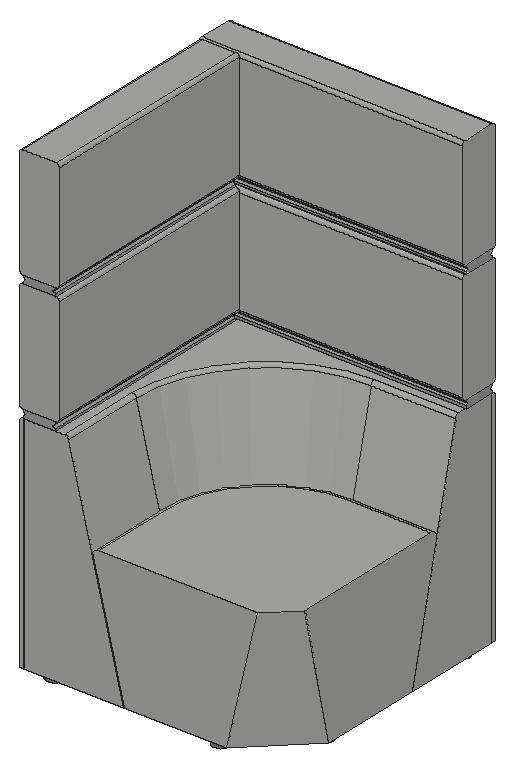
Revit family "Hive Single Corner, Full Base, Two Screens", category Furniture, Revit 2020
Family settings
  OmniClass Number = 23.40.20.00
  OmniClass Title = General Furniture and Specialties
  Work Plane-Based = No
  Always vertical = Yes
  Cut with Voids When Loaded = No
  Shared = No
  Room Calculation Point = No
Parameters
  UK Secondary Seat Count = 1
  UK Primary Seat Count = 1
  Seat Upholstery [instance] = Fabric, Unspecified
  Seat Top Upholstery [instance] = Fabric, Unspecified
  Screen Two Upholstery [instance] = Fabric, Unspecified
  Screen Two Top Upholstery [instance] = Fabric, Unspecified
  Screen One Upholstery [instance] = Fabric, Unspecified
  Screen One Top Upholstery [instance] = Fabric, Unspecified
  Screen 2 [instance] = yes
  Screen 1 [instance] = yes
  Power Module Screen 2 Right [instance] = no
  Power Module Screen 2 Left [instance] = no
  Power Module Screen 1 Right [instance] = no
  Power Module Screen 1 Left [instance] = no
  Plug = Palmer Hamilton Black Plastic
  Plate = Palmer Hamilton Alum
  No Legs [instance] = not(Legs)  # yes
  Model = "SHF4G"
  Legs [instance] = no
  Leg [instance] = Palmer Hamilton - Aluminum
  Joint [instance] = Palmer Hamilton - Aluminum
  HS Seat Count = 1
  ES Seat Count = 1
  Default Elevation = 0' - 0"
  Cost = 1
  Back Upholstery [instance] = Fabric, Unspecified
  Back Top Upholstery [instance] = Fabric, Unspecified
Reference planes (in)
  plane 1 "Center Front/Back": y = 0
  plane 2: z = 0
  plane 3 "Center Left/Right": x = 0
  plane 4: z = 1.25
  plane 5: x = 29.13386
  plane 6: x = -29.13386
  plane 7: y = -29.13386
Forms (in)
  Extrusion 1, solid, material "Palmer Hamilton - Aluminum" <- "Joint", visible <- "Screen 1"
    sketch origin (48.45078, -25.8583, 0) x (1, 0, 0) y (0, 0, 1)
      loop
        line (-50.4124, 29) -> (-50.4124, 28.75) -> (-50.1624, 28.5) -> (-50.4124, 28.25) -> (-50.4124, 28) -> (-46.58858, 28) -> (-46.58858, 28.25) -> (-46.83858, 28.5) -> (-46.58858, 28.75) -> (-46.58858, 29) -> (-50.4124, 29)
    from -23.49609 to 3.27556
  Extrusion 2, solid, material "Fabric, Unspecified" <- "Screen One Upholstery", visible <- "Screen 1"
    sketch origin (48.45078, -25.8583, 0) x (1, 0, 0) y (0, 0, 1)
      loop
        line (-50.81299, 42) -> (-50.81299, 29.375)
        arc (-50.81299, 29.375) -> (-50.70315, 29.10983) -> (-50.43799, 29) r 0.375
        line (-50.43799, 29) -> (-46.46358, 29)
        arc (-46.46358, 29) -> (-46.19842, 29.10983) -> (-46.08858, 29.375) r 0.375
        line (-46.08858, 29.375) -> (-46.08858, 42)
        arc (-46.08858, 42) -> (-46.19842, 42.26517) -> (-46.46358, 42.375) r 0.375
        line (-46.46358, 42.375) -> (-50.43799, 42.375)
        arc (-50.43799, 42.375) -> (-50.70315, 42.26517) -> (-50.81299, 42) r 0.375
    from -23.49609 to 3.27556
  Extrusion 3, solid, material "Palmer Hamilton - Aluminum" <- "Joint", visible <- "Screen 1"
    sketch origin (0.125, -48.45078, 0) x (0, -1, 0) y (0, 0, 1)
      loop
        line (-50.4124, 29) -> (-50.4124, 28.75) -> (-50.1624, 28.5) -> (-50.4124, 28.25) -> (-50.4124, 28) -> (-46.58858, 28) -> (-46.58858, 28.25) -> (-46.83858, 28.5) -> (-46.58858, 28.75) -> (-46.58858, 29) -> (-50.4124, 29)
    from -29.00886 to 2.08662
  Extrusion 4, solid, material "Fabric, Unspecified" <- "Screen One Upholstery", visible <- "Screen 1"
    sketch origin (0.125, -48.45078, 0) x (0, -1, 0) y (0, 0, 1)
      loop
        line (-50.81299, 42) -> (-50.81299, 29.375)
        arc (-50.81299, 29.375) -> (-50.70315, 29.10983) -> (-50.43799, 29) r 0.375
        line (-50.43799, 29) -> (-46.46358, 29)
        arc (-46.46358, 29) -> (-46.19842, 29.10983) -> (-46.08858, 29.375) r 0.375
        line (-46.08858, 29.375) -> (-46.08858, 42)
        arc (-46.08858, 42) -> (-46.19842, 42.26517) -> (-46.46358, 42.375) r 0.375
        line (-46.46358, 42.375) -> (-50.43799, 42.375)
        arc (-50.43799, 42.375) -> (-50.70315, 42.26517) -> (-50.81299, 42) r 0.375
    from -29.00886 to 2.4872
  Extrusion 5, solid, material "Palmer Hamilton Alum" <- "Plate", visible <- "Power Module Screen 1 Right"
    sketch origin (1.54349, -2.3622, 35.6875) x (1, 0, 0) y (0, 0, 1)
      loop
        line (14.33151, 3.25) -> (12.58151, 3.25)
        arc (12.58151, 3.25) -> (12.31635, 3.14017) -> (12.20651, 2.875) r 0.375
        line (12.20651, 2.875) -> (12.20651, -2.875)
        arc (12.20651, -2.875) -> (12.31635, -3.14017) -> (12.58151, -3.25) r 0.375
        line (12.58151, -3.25) -> (14.33151, -3.25)
        arc (14.33151, -3.25) -> (14.59668, -3.14017) -> (14.70651, -2.875) r 0.375
        line (14.70651, -2.875) -> (14.70651, 2.875)
        arc (14.70651, 2.875) -> (14.59668, 3.14017) -> (14.33151, 3.25) r 0.375
    from 0 to 0.0598
  Blend 6, solid, material "Palmer Hamilton Black Plastic" <- "Plug", visible <- "Power Module Screen 1 Right"
    base sketch origin (1.54349, -2.3622, 35.6875) x (1, 0, 0) y (0, 0, 1)
      loop
        line (12.92151, 1.788) -> (12.92151, 0.718) -> (13.99151, 0.718) -> (13.99151, 1.788) -> (12.92151, 1.788)
    top sketch origin (1.54349, -2.3622, 35.6875) x (1, 0, 0) y (0, 0, 1)
      loop
        line (12.98758, 1.72894) -> (12.98758, 0.78406) -> (13.93246, 0.78406) -> (13.93246, 1.72894) -> (12.98758, 1.72894)
    from 0.0598 to 0.1378
  Blend 7, solid, material "Palmer Hamilton Black Plastic" <- "Plug", visible <- "Power Module Screen 1 Right"
    base sketch origin (1.54349, -2.3622, 35.6875) x (1, 0, 0) y (0, 0, 1)
      loop
        line (12.92151, -1.788) -> (13.99151, -1.788) -> (13.99151, -0.718) -> (12.92151, -0.718) -> (12.92151, -1.788)
    top sketch origin (1.54349, -2.3622, 35.6875) x (1, 0, 0) y (0, 0, 1)
      loop
        line (12.98758, -1.72894) -> (13.93246, -1.72894) -> (13.93246, -0.78406) -> (12.98758, -0.78406) -> (12.98758, -1.72894)
    from 0.0598 to 0.1378
  Extrusion 8, solid, material "Palmer Hamilton Black Plastic" <- "Plug", visible <- "Power Module Screen 1 Right"
    sketch origin (1.54349, -2.3622, 35.6875) x (1, 0, 0) y (0, 0, 1)
      loop
        line (13.16851, 0.2665) -> (13.16851, -0.2665) -> (13.74451, -0.2665) -> (13.74451, 0.2665) -> (13.16851, 0.2665)
      loop
        line (13.26788, 0.20185) -> (13.26788, -0.20575) -> (13.39536, -0.20575) -> (13.39536, 0.20185) -> (13.26788, 0.20185)
      loop
        line (13.51766, 0.20185) -> (13.51766, -0.20575) -> (13.64514, -0.20575) -> (13.64514, 0.20185) -> (13.51766, 0.20185)
    from 0.0598 to 0.11052
  Sweep 9, solid, material "Fabric, Unspecified" <- "Back Upholstery", visible <- "Legs"
    path origin (0, 0, 0) x (1, 0, 0) y (0, 1, 0)
      loop
        line (29.12848, -8.06598) -> (19.06598, -8.06598)
        arc (19.06598, -8.06598) -> (11.28781, -11.28781) -> (8.06598, -19.06598) r 11
        line (8.06598, -19.06598) -> (8.06598, -29.13386)
    profile origin (8.06598, -24.09992, 0) x (1, 0, 0) y (0, 0, 1)
      loop
        arc (-4.59598, 27.62096) -> (-4.7733, 27.89401) -> (-5.08113, 28) r 0.5
        line (-5.08113, 28) -> (-5.08113, 9.1875) -> (0, 9.1875) -> (-4.59598, 27.62096)
  Extrusion 10, solid, material "Fabric, Unspecified" <- "Back Upholstery", visible <- "Legs"
    sketch origin (0, 0, 0) x (1, 0, 0) y (0, 1, 0)
      loop
        line (29.12848, -2.98486) -> (29.12848, 1.96162) -> (-1.96162, 1.96162) -> (-1.96162, -29.13386) -> (2.98486, -29.13386) -> (2.98486, -19.06598)
        arc (2.98486, -19.06598) -> (7.69491, -7.69491) -> (19.06598, -2.98486) r 16.08113
        line (19.06598, -2.98486) -> (29.12848, -2.98486)
    from 9.1875 to 28
  Sweep 11, solid, material "Fabric, Unspecified" <- "Seat Upholstery", visible <- "Legs"
    path origin (0, 0, 0) x (1, 0, 0) y (0, 1, 0)
      loop
        line (29.12848, -8.06598) -> (19.06598, -8.06598)
        arc (19.06598, -8.06598) -> (11.28781, -11.28781) -> (8.06598, -19.06598) r 11
        line (8.06598, -19.06598) -> (8.06598, -29.13386)
    profile origin (8.06598, -24.09992, 0) x (1, 0, 0) y (0, 0, 1)
      loop
        arc (-0.97014, 17) -> (-1.56115, 16.71175) -> (-1.69786, 16.06856) r 0.75
        line (-1.69786, 16.06856) -> (-0.0531, 9.47178)
        arc (-0.0531, 9.47178) -> (0.07989, 9.267) -> (0.31076, 9.1875) r 0.375
        line (0.31076, 9.1875) -> (0.31076, 17) -> (-0.97014, 17)
  Sweep 12, solid, material "Fabric, Unspecified" <- "Seat Upholstery", visible <- "No Legs"
    path origin (0, 0, 0) x (1, 0, 0) y (0, 1, 0)
      loop
        line (29.12848, -8.06598) -> (19.06598, -8.06598)
        arc (19.06598, -8.06598) -> (11.28781, -11.28781) -> (8.06598, -19.06598) r 11
        line (8.06598, -19.06598) -> (8.06598, -29.13386)
    profile origin (8.06598, -24.09992, 0) x (1, 0, 0) y (0, 0, 1)
      loop
        line (1.99682, 17) -> (-0.97014, 17)
        arc (-0.97014, 17) -> (-1.56115, 16.71175) -> (-1.69786, 16.06856) r 0.75
        line (-1.69786, 16.06856) -> (1.99682, 1.25) -> (1.99682, 17)
  Blend 13, solid, material "Fabric, Unspecified" <- "Seat Upholstery", visible <- "No Legs"
    base sketch origin (0, 0, 0) x (1, 0, 0) y (0, 1, 0)
      loop
        arc (19.06598, -10.06281) -> (12.69978, -12.69978) -> (10.06281, -19.06598) r 9.00318
        line (10.06281, -19.06598) -> (10.06281, -29.13386) -> (22.31439, -29.13386) -> (29.12848, -22.31976) -> (29.12848, -10.06281) -> (19.06598, -10.06281)
    top sketch origin (0, 0, 0) x (1, 0, 0) y (0, 1, 0)
      loop
        arc (19.06598, -10.06281) -> (12.69978, -12.69978) -> (10.06281, -19.06598) r 9.00318
        line (10.06281, -19.06598) -> (10.06281, -29.13386) -> (26.03672, -29.13386) -> (29.12848, -26.0421) -> (29.12848, -10.06281) -> (19.06598, -10.06281)
    from 1.25 to 17
  Sweep 14, solid, material "Fabric, Unspecified" <- "Back Upholstery", visible <- "No Legs"
    path origin (0, 0, 0) x (1, 0, 0) y (0, 1, 0)
      loop
        line (29.12848, -8.06598) -> (19.06598, -8.06598)
        arc (19.06598, -8.06598) -> (11.28781, -11.28781) -> (8.06598, -19.06598) r 11
        line (8.06598, -19.06598) -> (8.06598, -29.13386)
    profile origin (8.06598, -24.09992, 0) x (1, 0, 0) y (0, 0, 1)
      loop
        arc (-4.59598, 27.62096) -> (-4.7733, 27.89401) -> (-5.08113, 28) r 0.5
        line (-5.08113, 28) -> (-5.08113, 1.25) -> (1.97904, 1.25) -> (-4.59598, 27.62096)
  Extrusion 15, solid, material "Fabric, Unspecified" <- "Back Upholstery", visible <- "No Legs"
    sketch origin (0, 0, 0) x (1, 0, 0) y (0, 1, 0)
      loop
        line (29.12848, -2.98486) -> (29.12848, 1.96162) -> (-1.96162, 1.96162) -> (-1.96162, -29.13386) -> (2.98486, -29.13386) -> (2.98486, -19.06598)
        arc (2.98486, -19.06598) -> (7.69491, -7.69491) -> (19.06598, -2.98486) r 16.08113
        line (19.06598, -2.98486) -> (29.12848, -2.98486)
    from 1.25 to 28
  Extrusion 16, solid, material "Palmer Hamilton Black Plastic", visible <- "No Legs"
    sketch origin (0, 0, 0) x (1, 0, 0) y (0, 1, 0)
      loop
        circle (0, 0) r 1
      loop
        circle (26.84203, 0.19685) r 1
      loop
        circle (26.84203, -20.07874) r 1
      loop
        circle (19.95226, -26.9685) r 1
      loop
        circle (0, -26.89506) r 1
    from 0 to 2
  Extrusion 17, solid, material "Palmer Hamilton Alum" <- "Plate", visible <- "Power Module Screen 1 Left"
    sketch origin (2.3622, -27.88762, 35.6875) x (0, 1, 0) y (0, 0, 1)
      loop
        line (14.33151, 3.25) -> (12.58151, 3.25)
        arc (12.58151, 3.25) -> (12.31635, 3.14017) -> (12.20651, 2.875) r 0.375
        line (12.20651, 2.875) -> (12.20651, -2.875)
        arc (12.20651, -2.875) -> (12.31635, -3.14017) -> (12.58151, -3.25) r 0.375
        line (12.58151, -3.25) -> (14.33151, -3.25)
        arc (14.33151, -3.25) -> (14.59668, -3.14017) -> (14.70651, -2.875) r 0.375
        line (14.70651, -2.875) -> (14.70651, 2.875)
        arc (14.70651, 2.875) -> (14.59668, 3.14017) -> (14.33151, 3.25) r 0.375
    from 0 to 0.0598
  Blend 18, solid, material "Palmer Hamilton Black Plastic" <- "Plug", visible <- "Power Module Screen 1 Left"
    base sketch origin (2.3622, -27.88762, 35.6875) x (0, 1, 0) y (0, 0, 1)
      loop
        line (12.92151, 1.788) -> (12.92151, 0.718) -> (13.99151, 0.718) -> (13.99151, 1.788) -> (12.92151, 1.788)
    top sketch origin (2.3622, -27.88762, 35.6875) x (0, 1, 0) y (0, 0, 1)
      loop
        line (12.98758, 1.72894) -> (12.98758, 0.78406) -> (13.93246, 0.78406) -> (13.93246, 1.72894) -> (12.98758, 1.72894)
    from 0.0598 to 0.1378
  Blend 19, solid, material "Palmer Hamilton Black Plastic" <- "Plug", visible <- "Power Module Screen 1 Left"
    base sketch origin (2.3622, -27.88762, 35.6875) x (0, 1, 0) y (0, 0, 1)
      loop
        line (12.92151, -1.788) -> (13.99151, -1.788) -> (13.99151, -0.718) -> (12.92151, -0.718) -> (12.92151, -1.788)
    top sketch origin (2.3622, -27.88762, 35.6875) x (0, 1, 0) y (0, 0, 1)
      loop
        line (12.98758, -1.72894) -> (13.93246, -1.72894) -> (13.93246, -0.78406) -> (12.98758, -0.78406) -> (12.98758, -1.72894)
    from 0.0598 to 0.1378
  Extrusion 20, solid, material "Palmer Hamilton Black Plastic" <- "Plug", visible <- "Power Module Screen 1 Left"
    sketch origin (2.3622, -27.88762, 35.6875) x (0, 1, 0) y (0, 0, 1)
      loop
        line (13.16851, 0.2665) -> (13.16851, -0.2665) -> (13.74451, -0.2665) -> (13.74451, 0.2665) -> (13.16851, 0.2665)
      loop
        line (13.26788, 0.20185) -> (13.26788, -0.20575) -> (13.39536, -0.20575) -> (13.39536, 0.20185) -> (13.26788, 0.20185)
      loop
        line (13.51766, 0.20185) -> (13.51766, -0.20575) -> (13.64514, -0.20575) -> (13.64514, 0.20185) -> (13.51766, 0.20185)
    from 0.0598 to 0.11052
  Extrusion 21, solid, material "Palmer Hamilton - Aluminum" <- "Joint", visible <- "Screen 2"
    sketch origin (48.45078, -25.8583, 14.37587) x (1, 0, 0) y (0, 0, 1)
      loop
        line (-50.4124, 29) -> (-50.4124, 28.75) -> (-50.1624, 28.5) -> (-50.4124, 28.25) -> (-50.4124, 28) -> (-46.58858, 28) -> (-46.58858, 28.25) -> (-46.83858, 28.5) -> (-46.58858, 28.75) -> (-46.58858, 29) -> (-50.4124, 29)
    from -23.49609 to 3.27556
  Extrusion 22, solid, material "Fabric, Unspecified" <- "Screen Two Upholstery", visible <- "Screen 2"
    sketch origin (48.45078, -25.8583, 14.37587) x (1, 0, 0) y (0, 0, 1)
      loop
        line (-50.81299, 42) -> (-50.81299, 29.375)
        arc (-50.81299, 29.375) -> (-50.70315, 29.10983) -> (-50.43799, 29) r 0.375
        line (-50.43799, 29) -> (-46.46358, 29)
        arc (-46.46358, 29) -> (-46.19842, 29.10983) -> (-46.08858, 29.375) r 0.375
        line (-46.08858, 29.375) -> (-46.08858, 42)
        arc (-46.08858, 42) -> (-46.19842, 42.26517) -> (-46.46358, 42.375) r 0.375
        line (-46.46358, 42.375) -> (-50.43799, 42.375)
        arc (-50.43799, 42.375) -> (-50.70315, 42.26517) -> (-50.81299, 42) r 0.375
    from -23.49609 to 3.27556
  Extrusion 23, solid, material "Palmer Hamilton - Aluminum" <- "Joint", visible <- "Screen 2"
    sketch origin (0.125, -48.45078, 14.37587) x (0, -1, 0) y (0, 0, 1)
      loop
        line (-50.4124, 29) -> (-50.4124, 28.75) -> (-50.1624, 28.5) -> (-50.4124, 28.25) -> (-50.4124, 28) -> (-46.58858, 28) -> (-46.58858, 28.25) -> (-46.83858, 28.5) -> (-46.58858, 28.75) -> (-46.58858, 29) -> (-50.4124, 29)
    from -29.00886 to 2.08662
  Extrusion 24, solid, material "Fabric, Unspecified" <- "Screen Two Upholstery", visible <- "Screen 2"
    sketch origin (0.125, -48.45078, 14.37587) x (0, -1, 0) y (0, 0, 1)
      loop
        line (-50.81299, 42) -> (-50.81299, 29.375)
        arc (-50.81299, 29.375) -> (-50.70315, 29.10983) -> (-50.43799, 29) r 0.375
        line (-50.43799, 29) -> (-46.46358, 29)
        arc (-46.46358, 29) -> (-46.19842, 29.10983) -> (-46.08858, 29.375) r 0.375
        line (-46.08858, 29.375) -> (-46.08858, 42)
        arc (-46.08858, 42) -> (-46.19842, 42.26517) -> (-46.46358, 42.375) r 0.375
        line (-46.46358, 42.375) -> (-50.43799, 42.375)
        arc (-50.43799, 42.375) -> (-50.70315, 42.26517) -> (-50.81299, 42) r 0.375
    from -29.00886 to 2.4872
  Extrusion 25, solid, material "Palmer Hamilton Alum" <- "Plate", visible <- "Power Module Screen 2 Right"
    sketch origin (1.54349, -2.3622, 50.06337) x (1, 0, 0) y (0, 0, 1)
      loop
        line (14.33151, 3.25) -> (12.58151, 3.25)
        arc (12.58151, 3.25) -> (12.31635, 3.14017) -> (12.20651, 2.875) r 0.375
        line (12.20651, 2.875) -> (12.20651, -2.875)
        arc (12.20651, -2.875) -> (12.31635, -3.14017) -> (12.58151, -3.25) r 0.375
        line (12.58151, -3.25) -> (14.33151, -3.25)
        arc (14.33151, -3.25) -> (14.59668, -3.14017) -> (14.70651, -2.875) r 0.375
        line (14.70651, -2.875) -> (14.70651, 2.875)
        arc (14.70651, 2.875) -> (14.59668, 3.14017) -> (14.33151, 3.25) r 0.375
    from 0 to 0.0598
  Blend 26, solid, material "Palmer Hamilton Black Plastic" <- "Plug", visible <- "Power Module Screen 2 Right"
    base sketch origin (1.54349, -2.3622, 50.06337) x (1, 0, 0) y (0, 0, 1)
      loop
        line (12.92151, 1.788) -> (12.92151, 0.718) -> (13.99151, 0.718) -> (13.99151, 1.788) -> (12.92151, 1.788)
    top sketch origin (1.54349, -2.3622, 50.06337) x (1, 0, 0) y (0, 0, 1)
      loop
        line (12.98758, 1.72894) -> (12.98758, 0.78406) -> (13.93246, 0.78406) -> (13.93246, 1.72894) -> (12.98758, 1.72894)
    from 0.0598 to 0.1378
  Blend 27, solid, material "Palmer Hamilton Black Plastic" <- "Plug", visible <- "Power Module Screen 2 Right"
    base sketch origin (1.54349, -2.3622, 50.06337) x (1, 0, 0) y (0, 0, 1)
      loop
        line (12.92151, -1.788) -> (13.99151, -1.788) -> (13.99151, -0.718) -> (12.92151, -0.718) -> (12.92151, -1.788)
    top sketch origin (1.54349, -2.3622, 50.06337) x (1, 0, 0) y (0, 0, 1)
      loop
        line (12.98758, -1.72894) -> (13.93246, -1.72894) -> (13.93246, -0.78406) -> (12.98758, -0.78406) -> (12.98758, -1.72894)
    from 0.0598 to 0.1378
  Extrusion 28, solid, material "Palmer Hamilton Black Plastic" <- "Plug", visible <- "Power Module Screen 2 Right"
    sketch origin (1.54349, -2.3622, 50.06337) x (1, 0, 0) y (0, 0, 1)
      loop
        line (13.16851, 0.2665) -> (13.16851, -0.2665) -> (13.74451, -0.2665) -> (13.74451, 0.2665) -> (13.16851, 0.2665)
      loop
        line (13.26788, 0.20185) -> (13.26788, -0.20575) -> (13.39536, -0.20575) -> (13.39536, 0.20185) -> (13.26788, 0.20185)
      loop
        line (13.51766, 0.20185) -> (13.51766, -0.20575) -> (13.64514, -0.20575) -> (13.64514, 0.20185) -> (13.51766, 0.20185)
    from 0.0598 to 0.11052
  Extrusion 29, solid, material "Palmer Hamilton Alum" <- "Plate", visible <- "Power Module Screen 2 Left"
    sketch origin (2.3622, -27.88762, 50.06337) x (0, 1, 0) y (0, 0, 1)
      loop
        line (14.33151, 3.25) -> (12.58151, 3.25)
        arc (12.58151, 3.25) -> (12.31635, 3.14017) -> (12.20651, 2.875) r 0.375
        line (12.20651, 2.875) -> (12.20651, -2.875)
        arc (12.20651, -2.875) -> (12.31635, -3.14017) -> (12.58151, -3.25) r 0.375
        line (12.58151, -3.25) -> (14.33151, -3.25)
        arc (14.33151, -3.25) -> (14.59668, -3.14017) -> (14.70651, -2.875) r 0.375
        line (14.70651, -2.875) -> (14.70651, 2.875)
        arc (14.70651, 2.875) -> (14.59668, 3.14017) -> (14.33151, 3.25) r 0.375
    from 0 to 0.0598
  Blend 30, solid, material "Palmer Hamilton Black Plastic" <- "Plug", visible <- "Power Module Screen 2 Left"
    base sketch origin (2.3622, -27.88762, 50.06337) x (0, 1, 0) y (0, 0, 1)
      loop
        line (12.92151, 1.788) -> (12.92151, 0.718) -> (13.99151, 0.718) -> (13.99151, 1.788) -> (12.92151, 1.788)
    top sketch origin (2.3622, -27.88762, 50.06337) x (0, 1, 0) y (0, 0, 1)
      loop
        line (12.98758, 1.72894) -> (12.98758, 0.78406) -> (13.93246, 0.78406) -> (13.93246, 1.72894) -> (12.98758, 1.72894)
    from 0.0598 to 0.1378
  Blend 31, solid, material "Palmer Hamilton Black Plastic" <- "Plug", visible <- "Power Module Screen 2 Left"
    base sketch origin (2.3622, -27.88762, 50.06337) x (0, 1, 0) y (0, 0, 1)
      loop
        line (12.92151, -1.788) -> (13.99151, -1.788) -> (13.99151, -0.718) -> (12.92151, -0.718) -> (12.92151, -1.788)
    top sketch origin (2.3622, -27.88762, 50.06337) x (0, 1, 0) y (0, 0, 1)
      loop
        line (12.98758, -1.72894) -> (13.93246, -1.72894) -> (13.93246, -0.78406) -> (12.98758, -0.78406) -> (12.98758, -1.72894)
    from 0.0598 to 0.1378
  Extrusion 32, solid, material "Palmer Hamilton Black Plastic" <- "Plug", visible <- "Power Module Screen 2 Left"
    sketch origin (2.3622, -27.88762, 50.06337) x (0, 1, 0) y (0, 0, 1)
      loop
        line (13.16851, 0.2665) -> (13.16851, -0.2665) -> (13.74451, -0.2665) -> (13.74451, 0.2665) -> (13.16851, 0.2665)
      loop
        line (13.26788, 0.20185) -> (13.26788, -0.20575) -> (13.39536, -0.20575) -> (13.39536, 0.20185) -> (13.26788, 0.20185)
      loop
        line (13.51766, 0.20185) -> (13.51766, -0.20575) -> (13.64514, -0.20575) -> (13.64514, 0.20185) -> (13.51766, 0.20185)
    from 0.0598 to 0.11052
  Sweep 33, solid, material "Fabric, Unspecified" <- "Back Upholstery", visible <- "Legs"
    path origin (0, 0, 0) x (1, 0, 0) y (0, 1, 0)
      loop
        line (29.13386, 1.96162) -> (-1.96162, 1.96162) -> (-1.96162, -29.13386)
    profile origin (13.58612, 1.96162, 0) x (0, -1, 0) y (0, 0, 1)
      loop
        arc (0, 28) -> (-0.26517, 27.89017) -> (-0.375, 27.625) r 0.375
        line (-0.375, 27.625) -> (-0.375, 9.1875) -> (0, 9.1875) -> (0, 28)
  Sweep 34, solid, material "Fabric, Unspecified" <- "Back Upholstery", visible <- "No Legs"
    path origin (0, 0, 0) x (1, 0, 0) y (0, 1, 0)
      loop
        line (29.13386, 1.96162) -> (-1.96162, 1.96162) -> (-1.96162, -29.13386)
    profile origin (13.58612, 1.96162, 0) x (0, -1, 0) y (0, 0, 1)
      loop
        arc (0, 28) -> (-0.26517, 27.89017) -> (-0.375, 27.625) r 0.375
        line (-0.375, 27.625) -> (-0.375, 1.25) -> (0, 1.25) -> (0, 28)
Cuts and joins
  joined: Sweep 9, Extrusion 10
  joined: Sweep 12, Blend 13
  joined: Sweep 14, Extrusion 15
Dimensions and locks (in)
  aligned and locked: level to plane 2
